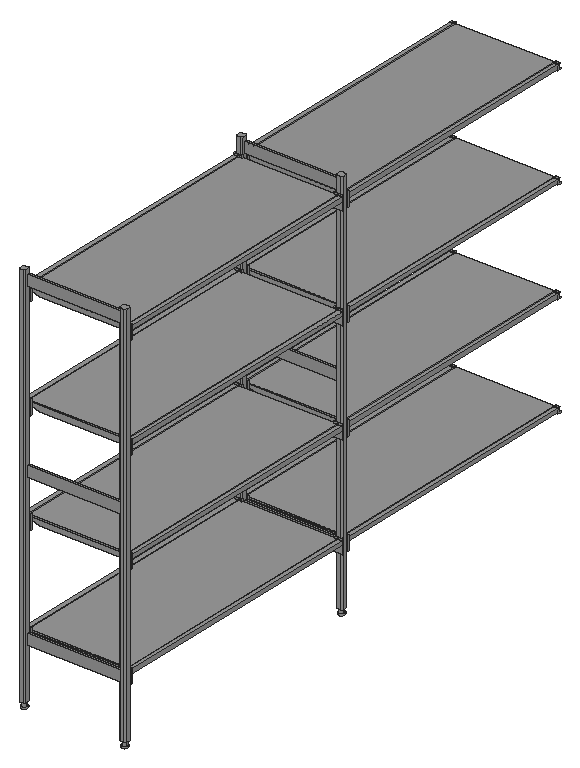
Revit family "QF_ELECTROLUXPROFESSIONAL_137086_CLS2372", category Attrezzature speciali, Revit 2020 (continued)
Definition of nested family "WT_Aggancio475"
  Dimensions and locks
    equal spacing: plane 7, plane 6 "Center (Front/Back)", plane 8
    equal spacing: plane 3 "BACK", plane 6 "Center (Front/Back)", plane 4 "FRONT"
    plane 9 "FEET" to level = 25.0 mm
    plane 5 "TOP" to plane 9 "FEET" = 1700.0 mm
    plane 10 to plane 9 "FEET" = 250.0 mm
    plane 11 to plane 10 = 450.0 mm
    plane 12 to plane 11 = 450.0 mm
    plane 13 to plane 12 = 450.0 mm
    locked: plane 3 "BACK" to plane 15 "CYBack" at 17.5
    locked: plane 16 "CYFront" to plane 4 "FRONT" at 17.5
    aligned and locked: level to plane 1
    aligned and locked: Extrusion 1 sketch curve to Extrusion 1 sketch curve  (x3)
  Automatic sketch dimensions
    plane 16 "CYFront" to Extrusion 1 sketch curve = 1.478 mm  (x4)
    Extrusion 1 sketch curve to Extrusion 1 sketch curve = 2.0 mm
    plane 8 to Extrusion 1 sketch curve = 3.478 mm  (x4)
    Extrusion 1 sketch curve to plane 10 = 4.006 mm
    Extrusion 1 sketch curve to Extrusion 1 sketch curve = 34.0 mm  (x4)
    Extrusion 1 sketch curve to plane 11 = 4.006 mm
    Extrusion 1 sketch curve to plane 12 = 4.006 mm
    Extrusion 1 sketch curve to plane 13 = 4.006 mm
    Extrusion 1 sketch curve to plane 7 = 37.522 mm  (x4)
    Extrusion 1 sketch curve to plane 7 = 3.522 mm  (x4)
    plane 14 to Extrusion 1 sketch curve = 3.516 mm  (x4)
    plane 14 to Extrusion 1 sketch curve = 1.522 mm  (x4)
    plane 10 to Extrusion 1 sketch curve = 7.998 mm  (x2)
    Extrusion 1 sketch curve to Extrusion 1 sketch curve = 11.498 mm  (x4)
    Extrusion 1 sketch curve to Extrusion 1 sketch curve = 6.499 mm  (x8)
    plane 11 to Extrusion 1 sketch curve = 7.998 mm  (x2)
    plane 12 to Extrusion 1 sketch curve = 7.998 mm  (x2)
    plane 13 to Extrusion 1 sketch curve = 7.998 mm  (x2)
    plane 2 "LEFT" to Extrusion 2 sketch curve = 0.0 mm  (x4)
    plane 13 to Extrusion 2 sketch curve = 7.996 mm
    plane 11 to Extrusion 2 sketch curve = 7.996 mm
    Extrusion 2 sketch curve to Extrusion 2 sketch curve = 5.0 mm  (x4)
    plane 11 to Extrusion 2 sketch curve = 2.494 mm
    plane 10 to Extrusion 2 sketch curve = 28.996 mm
    Extrusion 2 sketch curve to Extrusion 2 sketch curve = 3.0 mm  (x4)
    plane 10 to Extrusion 2 sketch curve = 7.996 mm
    plane 10 to Extrusion 2 sketch curve = 2.494 mm
    Extrusion 2 sketch curve to Extrusion 2 sketch curve = 18.0 mm  (x3)
    plane 12 to Extrusion 2 sketch curve = 2.494 mm
    plane 12 to Extrusion 2 sketch curve = 7.996 mm
    plane 13 to Extrusion 2 sketch curve = 2.494 mm
    plane 2 "LEFT" to Extrusion 3 sketch curve = 0.0 mm  (x4)
    plane 13 to Extrusion 3 sketch curve = 7.996 mm
    plane 11 to Extrusion 3 sketch curve = 7.996 mm
    Extrusion 3 sketch curve to Extrusion 3 sketch curve = 5.0 mm  (x4)
    plane 11 to Extrusion 3 sketch curve = 2.494 mm
    plane 10 to Extrusion 3 sketch curve = 28.996 mm
    Extrusion 3 sketch curve to Extrusion 3 sketch curve = 3.0 mm  (x4)
    plane 10 to Extrusion 3 sketch curve = 7.996 mm
    plane 10 to Extrusion 3 sketch curve = 2.494 mm
    Extrusion 3 sketch curve to Extrusion 3 sketch curve = 18.0 mm  (x3)
    plane 12 to Extrusion 3 sketch curve = 2.494 mm
    plane 12 to Extrusion 3 sketch curve = 7.996 mm
    plane 13 to Extrusion 3 sketch curve = 2.494 mm
    plane 2 "LEFT" to curve 1 = 5.0 mm
    plane 2 "LEFT" to curve 7 = 5.0 mm
    curve 1 to plane 16 "CYFront" = 17.5 mm
    curve 3 to plane 8 = 12.522 mm
    plane 7 to curve 5 = 12.478 mm
    curve 7 to plane 14 = 17.5 mm
    curve 5 to curve 5 = 4.0 mm
    curve 1 to curve 4 = 4.0 mm
    Extrusion 2 sketch curve to Extrusion 2 sketch curve = 4.0 mm  (x4)
    Extrusion 2 sketch curve to Extrusion 2 sketch curve = 8.969 mm  (x4)
    Extrusion 3 sketch curve to Extrusion 3 sketch curve = 4.0 mm  (x4)
    Extrusion 3 sketch curve to Extrusion 3 sketch curve = 8.969 mm  (x4)
